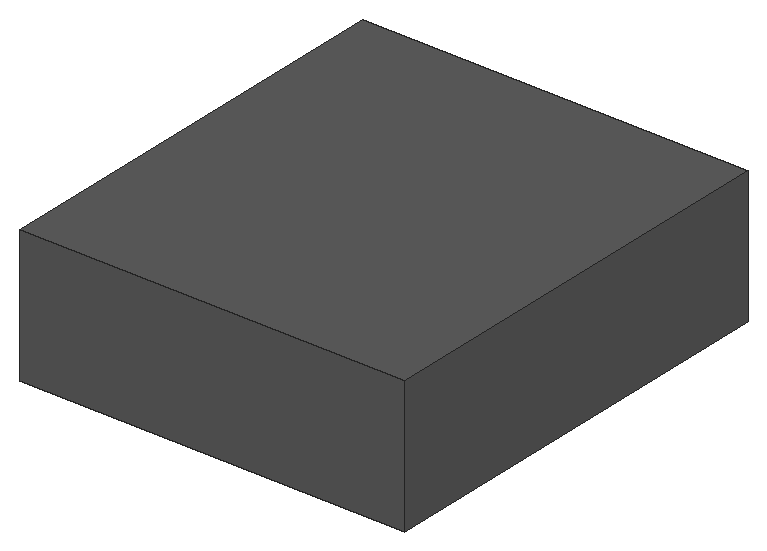
Revit family "Door-Hardware_Electronic-Lock_Euro-Lock_3770", category Generic Models, Revit 2016
Family settings
  Part Type = Normal
  Can host rebar = No
  Round Connector Dimension = Use Diameter
  OmniClass Number = 23.30.40.11.34
  OmniClass Title = Automatic Door Controls and Operators
  Work Plane-Based = Yes
  Always vertical = No
  Cut with Voids When Loaded = No
  Shared = No
  Room Calculation Point = No
Parameters (values of type "as Specified")
  Warranty Duration (Years) = 0
  Unit Width = 0' - 1 15/32"
  Unit Height = 0' - 5 3/8"
  Unit Depth = 0' - 1 1/16"
  URL = "http://www.lowe-and-fletcher.com/locking"
  Standards Conformance = "as Specified"
  Specification = ""
  SpecWizard = ""
  Send Message = ""
  Sales Information = "http://www.lowe-and-fletcher.com/contacts/"
  Revision = "R1_2015-09"
  Product Properties = ""
  Product Data = "http://www.arcat.com/arcatcos/cos49/arc49408.html"
  Model = "3770"
  Manufacturer Website = "http://www.lowe-and-fletcher.com/locking"
  Manufacturer Phone - Toll Free = ""
  Manufacturer Phone = "616-994-0490"
  Manufacturer Fax = "616-994-0480"
  Manufacturer Address = "124 James St.   Holland, MI 49424"
  Manufacturer = "Euro-Locks, Inc"
  Maintenance Schedule (Months) = 0
  Keynote = ""
  Installation-Fabrication = ""
  Installation Phase = "Door Hardware"
  Hardware Operation = "I-Button  ;  Proximity Card  ;  Keypad"
  Green Building-LEED = ""
  Fixture Finish [instance] = Metal - Zinc Alloy - Euro-Lock - Black
  Expected Lifespan (Years) = 0
  Drawn By = "Sumex Design, Inc. / Robert S. Weygant, CSI, CDT, SCIP"
  Description = "Euro-Lock Electronic Latch Lock - Model 3770"
  Default Elevation = 0' - 0"
  Copyright = "©Arcat Inc."
  Construction Details = ""
  Capacity = "as Specified"
  Battery Operated = yes
  Available Options = "as Specified"
  Assembly Code = "E1090900"
Reference planes (in)
  plane 1 "Center (Front/Back)": y = 0
  plane 2 "Bottom": z = 0
  plane 3 "Center (Left/Right)": x = 0
  plane 4 "Top": z = 1.0625
Forms (in)
  Extrusion 1, solid, material "Metal - Zinc Alloy - Euro-Lock - Black" <- "Fixture Finish"
    sketch origin (0, 0, 0) x (1, 0, 0) y (0, 1, 0)
      loop
        line (-1.20472, 1.34252) -> (-1.20472, -1.34252) -> (1.20472, -1.34252) -> (1.20472, 1.34252) -> (-1.20472, 1.34252)
    from 0 to 0.84375
Dimensions and locks (in)
  "Unit Depth": plane 4 "Top" to level
Automatic sketch dimensions
  Extrusion 1 sketch curve to plane 3 "Center (Left/Right)" = 0' - 1.20472"
  plane 3 "Center (Left/Right)" to Extrusion 1 sketch curve = 0' - 1.20472"
  plane 1 "Center (Front/Back)" to Extrusion 1 sketch curve = 0' - 1.34252"
  Extrusion 1 sketch curve to plane 1 "Center (Front/Back)" = 0' - 1.34252"
